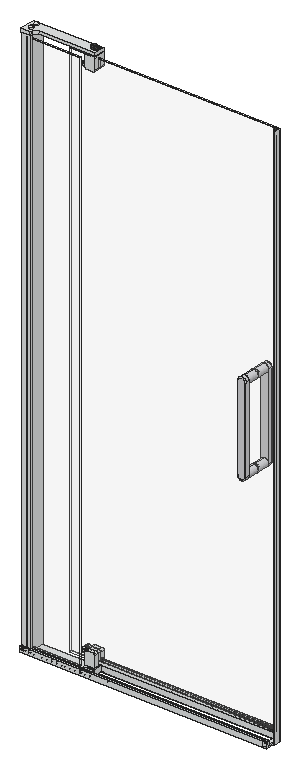
Revit family "Shower-Shower_Door-KOHLER-Revel-K-707501_1", category Specialty Equipment, host Face, Revit 2022
Family settings
  Host = Face
  Round Connector Dimension = Use Diameter
  Part Type = Normal
  OmniClass Number = 23.31.17.17
  OmniClass Title = Shower Enclosures
  Cut with Voids When Loaded = No
  Maintain Annotation Orientation = No
  Shared = No
  Room Calculation Point = No
Parameters (values of type "Clear Glass, SHP-Bright Polished Silver")
  Width [instance] = 7 13/64" + Walk Thru + 1 147/256"  # 31 39/256"
  WaterSense Certified = 1 = 0  # no
  Walk Thru [instance] = 22 3/8"
  URL = "https://www.us.kohler.com/us/"
  Type = 3
  Secondary Finish = Kohler-Glass-L-Crystal_Clear
  Product Page URL = "http://www.us.kohler.com/us/catalog/productDetails.jsp?productId=707501-L"
  Product Name = "Revel"  # constant formula
  Product Documentation Link = "https://www.us.kohler.com/webassets/kpna/catalog/pdf/en/K-707501-L_spec_US-CA_Kohler_en.pdf"
  Model = if(Type = 1, "K-707501-L-ABZ", if(Type = 2, "K-707501-L-BNK", if(Type = 3, "K-707501-L-SHP", if(Type = 4, "K-707501-D3-ABZ", if(Type = 5, "K-707501-D3-BNK", if(Type = 6, "K-707501-D3-SHP", "NA"))))))  # "K-707501-L-SHP"
  Material = "Premium Metal Construction"  # constant formula
  Master Format 2014 Name = "Shower Doors"  # constant formula
  Master Format 2014 = "10 28 19.16"  # constant formula
  Manufacturer Address = "444 Highland Dr, Kohler, WI 53044"  # constant formula
  Manufacturer = "Kohler Co."  # constant formula
  Length = 4 7/64"  # constant formula
  Height = 70"  # constant formula
  Handle Finish = Kohler-Metal-CP-Polished_Chrome
  Finish = Kohler-Metal-SHP-Bright_Polished_Silver
  Environmental Product Declaration = ""
  Description = if(or(Type < 4), "Pivot shower door, 70 inch H x 27-5/16 - 31-1/8 inch W, with 5/16 inch thick Crystal Clear glass", "Pivot shower door, 70 inch H x 27-5/16 - 31-1/8 inch W, with 5/16 inch thick Frosted glass")  # "Pivot shower door, 70 inch H x 27-5/16 - 31-1/8 inch W, with 5/16 inch thick Crystal Clear glass"
  Default Elevation = 4"
  Declare Label = ""
  Date Modified = "06/16/2022"  # constant formula
  Date Created = "06/16/2022"  # constant formula
  Copyright = "Copyright Kohler Co."  # constant formula
  Contact Us = "https://www.us.kohler.com/us/static/contact.jsp"
  Assembly Code = "C1030200"
  ADA Compliant = 1 = 0  # no
Reference planes (in)
  plane 1 "Center (Front/Back)": y = 0
  plane 2: z = 0
  plane 3 "Center (Left/Right)": x = 0
  plane 4: y = 2.10994
  plane 5: y = 0.71149
  plane 6: y = -1.5326
  plane 7: x = -8.29527
  plane 8: y = 0.32149
  plane 9: y = -1.99943
  plane 10: y = -0.55188
  plane 11: x = -14.85938
  plane 12: z = 70
  plane 13: z = 70.36441
  plane 14: z = 69.11682
  plane 15: z = 68.1005
  plane 16: z = 40.94488
  plane 17: z = 40.45276
  plane 18: z = 29.82283
  plane 19: z = 29.33071
  plane 20: z = 2.1635
  plane 21: z = 0.62992
  plane 22: x = -15.49781
  plane 23: x = -6.72047
  plane 24: x = 15.65453
  plane 25: x = 15.27421
  plane 26: z = 68.66614
  plane 27: x = 15.15599
  plane 28: x = 12.70124
Dimensions and locks (in)
  plane 7 to plane 3 "Center (Left/Right)" = 8.29527"
  "Height": plane 12 to level
  "Length": plane 4 to plane 9
  locked: plane 23 to plane 3 "Center (Left/Right)" at 6.72047
  "Walk Thru": plane 23 to plane 24
  locked: plane 27 to plane 24 at 0.49854
  locked: plane 24 to plane 25 at 0.38032
  locked: plane 28 to plane 24 at 2.95329
  "Width": plane 24 to plane 22
  plane 19 to level = 29.33071"
  plane 16 to plane 19 = 11.61417"
  plane 7 to plane 22 = 7.20254"
  aligned and locked: plane 2 to host face
  aligned and locked: level to host face
  aligned and locked: plane 3 "Center (Left/Right)" to nested 1
Automatic sketch dimensions
  host sketch curve to host sketch curve = 96"  (x2)
Nested families (in)
  nested 1: "K-707501" at (0, 0, 0), type "K-707501"
    with Width 31.15453", Walk Thru 22 3/8"
Definition of nested family "K-707501"
  Parameters (values of type "K-707501")
    Width = Walk Thru + Distance + 1.5748"  # 31.53543"
    Walk Thru = 22.75591"
    Material = none
    Height = 70"
    Handle Material = none
    Handle Height = 29.33071"
    Glass Material = none
    Distance = 7.20472"
    Default Elevation = 0"
  Reference planes (in)
    plane 1 "Center (Front/Back)": y = 0
    plane 2: z = 0
    plane 3 "Center (Left/Right)": x = 0
    plane 4: x = -15.5
    plane 5: x = -8.29527
    plane 6 "K": x = 13.08214
    plane 7: z = 70
    plane 8: z = 69.64567
    plane 9 "D": z = 68.1005
    plane 10: z = 29.33071
    plane 11: z = 40.94488
    plane 12: y = 2.10994
    plane 13: y = -1.99772
    plane 14: y = 0.71149
    plane 15: y = -1.5326
    plane 16: z = 0.62992
    plane 17: z = 69.11682
    plane 18: x = -14.85938
    plane 19 "A": y = -0.55188
    plane 20 "B": y = 0.32149
    plane 21 "C": z = 2.1635
    plane 22: z = 68.91997
    plane 23: z = 68.66614
    plane 24: z = 40.45276
    plane 25: z = 29.82283
    plane 26: z = 70.36441
    plane 27: x = -6.72047
    plane 28: x = 16.03544
    plane 29: x = 15.3937
    plane 30: x = 15.8937
    plane 31: x = 15.53689
  Forms (in)
    Extrusion 1, solid, material <- "Material", detail levels medium+fine
      sketch origin (0, 0, 0) x (0, 1, 0) y (0, 0, 1)
        loop
          line (-0.27623, 0) -> (0.59855, 0)
          arc (0.59855, 0) -> (0.62415, 0.0106) -> (0.63475, 0.0362) r 0.0362
          line (0.63475, 0.0362) -> (0.63475, 0.21702)
          arc (0.63475, 0.21702) -> (0.62509, 0.24034) -> (0.60177, 0.25) r 0.03298
          line (0.60177, 0.25) -> (-1.2883, 0.25)
          arc (-1.2883, 0.25) -> (-1.3314, 0.26785) -> (-1.34925, 0.31095) r 0.06095
          line (-1.34925, 0.31095) -> (-1.34925, 0.48)
          arc (-1.34925, 0.48) -> (-1.40675, 0.5375) -> (-1.46425, 0.48) r 0.0575
          line (-1.46425, 0.48) -> (-1.46425, 0.26417)
          arc (-1.46425, 0.26417) -> (-1.42954, 0.17607) -> (-1.34408, 0.1353) r 0.12919
          line (-1.34408, 0.1353) -> (-0.30312, 0.06251) -> (-0.30312, 0.0269)
          arc (-0.30312, 0.0269) -> (-0.29525, 0.00788) -> (-0.27623, 0) r 0.0269
      from -15.5 to -8.02475
    Extrusion 2, solid, material <- "Material", detail levels medium+fine
      sketch origin (0, 0, 0) x (0, 1, 0) y (0, 0, 1)
        loop
          line (-1.46425, 0.06988) -> (-0.33625, -0.00012) -> (-0.33625, 0.06) -> (-1.46425, 0.13) -> (-1.46425, 0.565) -> (-1.33425, 0.565) -> (-1.33425, 0.368)
          arc (-1.33425, 0.368) -> (-1.30425, 0.338) -> (-1.27425, 0.368) r 0.03
          line (-1.27425, 0.368) -> (-1.27425, 0.60686)
          arc (-1.27425, 0.60686) -> (-1.281, 0.62317) -> (-1.29731, 0.62992) r 0.02306
          line (-1.29731, 0.62992) -> (-1.50695, 0.62992)
          arc (-1.50695, 0.62992) -> (-1.52509, 0.62241) -> (-1.5326, 0.60427) r 0.02565
          line (-1.5326, 0.60427) -> (-1.5326, 0) -> (-1.48411, 0)
          arc (-1.48411, 0) -> (-1.47007, 0.00582) -> (-1.46425, 0.01986) r 0.01986
          line (-1.46425, 0.01986) -> (-1.46425, 0.06988)
      from -15.5 to 15.8937
    Extrusion 3, solid, material <- "Material", detail levels medium+fine
      sketch origin (0, 0, 0) x (0, 1, 0) y (0, 0, 1)
        loop
          line (-1.23023, 0.67187) -> (-1.54853, 0.67187)
          arc (-1.54853, 0.67187) -> (-1.56451, 0.66526) -> (-1.57112, 0.64928) r 0.0226
          line (-1.57112, 0.64928) -> (-1.57112, 0.03588)
          arc (-1.57112, 0.03588) -> (-1.55186, 0.01661) -> (-1.5326, 0.03588) r 0.01926
          line (-1.5326, 0.03588) -> (-1.5326, 0.62992) -> (-1.25863, 0.62992) -> (-1.25862, 0.15799)
          arc (-1.25862, 0.15799) -> (-1.25033, 0.13693) -> (-1.22989, 0.12718) r 0.03089
          line (-1.22989, 0.12718) -> (-0.30312, 0.06237) -> (-0.30312, 0.02652)
          arc (-0.30312, 0.02652) -> (-0.29532, 0.00768) -> (-0.27648, -0.00013) r 0.02664
          line (-0.27648, -0.00013) -> (0.27012, -0.00013)
          arc (0.27012, -0.00013) -> (0.29328, 0.00947) -> (0.30288, 0.03263) r 0.03275
          line (0.30288, 0.03263) -> (0.30288, 0.20868)
          arc (0.30288, 0.20868) -> (0.29449, 0.22892) -> (0.27425, 0.23731) r 0.02863
          line (0.27425, 0.23731) -> (-1.17024, 0.23731)
          arc (-1.17024, 0.23731) -> (-1.19827, 0.24892) -> (-1.20987, 0.27694) r 0.03964
          line (-1.20987, 0.27694) -> (-1.20987, 0.65152)
          arc (-1.20987, 0.65152) -> (-1.21584, 0.66591) -> (-1.23023, 0.67187) r 0.02036
      from 15.8937 to 15.3937
    Extrusion 4, solid, material <- "Material", detail levels medium+fine
      sketch origin (0, 0, 0) x (1, 0, 0) y (0, 1, 0)
        loop
          line (-15.5, -1.27425) -> (-14.37854, -1.27425) -> (-14.37854, -1.0745) -> (-14.939, -1.0745)
          arc (-14.939, -1.0745) -> (-14.969, -0.95875) -> (-14.939, -0.843) r 0.2383
          line (-14.939, -0.843) -> (-14.37475, -0.843) -> (-14.37475, 0.64608) -> (-15.5, 0.64608) -> (-15.5, 0.5658) -> (-15.4398, 0.5658) -> (-15.4398, 0.2641) -> (-15.5, 0.2641) -> (-15.5, 0.19996) -> (-15.4398, 0.19996) -> (-15.4398, -0.42903) -> (-15.5, -0.42903) -> (-15.5, -0.49326) -> (-15.4398, -0.49326) -> (-15.4398, -1.21125) -> (-15.5, -1.21125) -> (-15.5, -1.27425)
      from 0.25 to 69.64567
    Extrusion 5, solid, material <- "Glass Material"
      sketch origin (0, 0, 0) x (1, 0, 0) y (0, 1, 0)
        loop
          arc (-14.939, -0.843) -> (-14.969, -0.95875) -> (-14.939, -1.0745) r 0.2383
          line (-14.939, -1.0745) -> (-8.32527, -1.0745)
          arc (-8.32527, -1.0745) -> (-8.29527, -0.95875) -> (-8.32527, -0.843) r 0.2383
          line (-8.32527, -0.843) -> (-14.939, -0.843)
      from 0.625 to 69.11682
    Extrusion 6, solid, material <- "Material"
      sketch origin (0, 0, 0) x (1, 0, 0) y (0, 1, 0)
        loop
          line (-15.5, -1.33251) -> (-14.40245, -1.33251)
          arc (-14.40245, -1.33251) -> (-14.33815, -1.30588) -> (-14.31152, -1.24158) r 0.09093
          line (-14.31152, -1.24158) -> (-14.31152, -1.16731)
          arc (-14.31152, -1.16731) -> (-14.16043, -0.80256) -> (-13.79568, -0.65147) r 0.51584
          line (-13.79568, -0.65147) -> (-6.73991, -0.65147) -> (-6.73991, 0.71149) -> (-15.5, 0.71149) -> (-15.5, -1.33251)
      from 69.64567 to 70
    Revolve 7, solid, detail levels medium+fine
      sketch origin (0, -0.55188, 0) x (0, 0, 1) y (-1, 0, 0)
        loop
          line (70, 14.85938) -> (70.17753, 14.85938)
          arc (70.17753, 14.85938) -> (70.13865, 15.00209) -> (70.03277, 15.10538) r 0.2814
          line (70.03277, 15.10538) -> (70, 15.10538) -> (70, 14.85938)
        axis (70, 14.85938) -> (70.17753, 14.85938)
      angle from 0 to 360
    Revolve 8, solid, detail levels medium+fine
      sketch origin (0, 0.32149, 0) x (0, 0, -1) y (-1, 0, 0)
        loop
          line (-70, 14.85938) -> (-70, 15.10538) -> (-70.03277, 15.10538)
          arc (-70.03277, 15.10538) -> (-70.13865, 15.00209) -> (-70.17753, 14.85938) r 0.2814
          line (-70.17753, 14.85938) -> (-70, 14.85938)
        axis (-70.17753, 14.85938) -> (-70, 14.85938)
      angle from 0 to 360
    Extrusion 9, solid, material <- "Material", detail levels medium+fine
      sketch origin (0, 0, 0) x (0, 1, 0) y (0, 0, 1)
        loop
          line (0.63475, 0) -> (0.63475, 0.625) -> (-0.72263, 0.625)
          arc (-0.72263, 0.625) -> (-0.75489, 0.61164) -> (-0.76825, 0.57938) r 0.04562
          line (-0.76825, 0.57938) -> (-0.76825, 0.31091)
          arc (-0.76825, 0.31091) -> (-0.78609, 0.26784) -> (-0.82916, 0.25) r 0.06091
          line (-0.82916, 0.25) -> (-1.10552, 0.25)
          arc (-1.10552, 0.25) -> (-1.13786, 0.26339) -> (-1.15125, 0.29573) r 0.04573
          line (-1.15125, 0.29573) -> (-1.15125, 0.59003)
          arc (-1.15125, 0.59003) -> (-1.16149, 0.61476) -> (-1.18622, 0.625) r 0.03497
          line (-1.18622, 0.625) -> (-1.24534, 0.625)
          arc (-1.24534, 0.625) -> (-1.2672, 0.61595) -> (-1.27625, 0.59409) r 0.03091
          line (-1.27625, 0.59409) -> (-1.27625, 0.312)
          arc (-1.27625, 0.312) -> (-1.31275, 0.2755) -> (-1.34925, 0.312) r 0.0365
          line (-1.34925, 0.312) -> (-1.34925, 0.48)
          arc (-1.34925, 0.48) -> (-1.40675, 0.5375) -> (-1.46425, 0.48) r 0.0575
          line (-1.46425, 0.48) -> (-1.46425, 0.26028)
          arc (-1.46425, 0.26028) -> (-1.43067, 0.17503) -> (-1.34797, 0.13559) r 0.125
          line (-1.34797, 0.13559) -> (-0.30275, 0.0625) -> (-0.30275, 0.03125)
          arc (-0.30275, 0.03125) -> (-0.2936, 0.00915) -> (-0.2715, 0) r 0.03125
          line (-0.2715, 0) -> (0.63475, 0)
      from -6.76525 to -8.02475
    Extrusion 10, solid, material <- "Material"
      sketch origin (0, 0, 0) x (1, 0, 0) y (0, 0, 1)
        loop
          arc (-6.80462, 0.7535) -> (-6.77678, 0.76503) -> (-6.76525, 0.79287) r 0.03937
          line (-6.76525, 0.79287) -> (-6.76525, 2.20243)
          arc (-6.76525, 2.20243) -> (-6.83527, 2.37148) -> (-7.00432, 2.4415) r 0.23907
          line (-7.00432, 2.4415) -> (-7.77509, 2.4415)
          arc (-7.77509, 2.4415) -> (-7.94491, 2.37116) -> (-8.01525, 2.20134) r 0.24016
          line (-8.01525, 2.20134) -> (-8.01525, 0.79202)
          arc (-8.01525, 0.79202) -> (-8.00397, 0.76478) -> (-7.97673, 0.7535) r 0.03852
          line (-7.97673, 0.7535) -> (-6.80462, 0.7535)
      from -0.699 to 0.6555
    Extrusion 11, void
      sketch origin (0, 0, 0) x (0, 1, 0) y (0, 0, 1)
        loop
          line (-0.223, 1.0975) -> (0.277, 1.0975) -> (0.277, 2.6723) -> (-0.223, 2.6723) -> (-0.223, 1.0975)
      from -8.374 to -5.62598
    Extrusion 12, solid
      sketch origin (0, 0, 0) x (1, 0, 0) y (0, 0, 1)
        loop
          line (-6.78494, 1.0975) -> (-6.78494, 2.20243)
          arc (-6.78494, 2.20243) -> (-6.84919, 2.35756) -> (-7.00432, 2.42181) r 0.21938
          line (-7.00432, 2.42181) -> (-7.77509, 2.42181)
          arc (-7.77509, 2.42181) -> (-7.93099, 2.35724) -> (-7.99556, 2.20134) r 0.22047
          line (-7.99556, 2.20134) -> (-7.99556, 1.0975) -> (-6.78494, 1.0975)
      from -0.277 to 0.223
    Revolve 13, solid, material <- "Material"
      sketch origin (0, 0, 2.1635) x (0, -1, 0) y (1, 0, 0)
        loop
          line (0.3524, -8.32761) -> (-0.39049, -8.32761) -> (-0.39049, -8.59986)
          arc (-0.39049, -8.59986) -> (-0.37874, -8.62823) -> (-0.35037, -8.63998) r 0.04012
          line (-0.35037, -8.63998) -> (-0.17426, -8.63998) -> (-0.17426, -8.59632) -> (-0.13508, -8.59632) -> (-0.13508, -8.48472) -> (0.097, -8.48472) -> (0.097, -8.59632) -> (0.13617, -8.59632) -> (0.13617, -8.63998) -> (0.31228, -8.63998)
          arc (0.31228, -8.63998) -> (0.34065, -8.62823) -> (0.3524, -8.59986) r 0.04012
          line (0.3524, -8.59986) -> (0.3524, -8.32761)
        axis (0.3524, -8.32761) -> (-0.39049, -8.32761)
      angle from 0 to 360
    Extrusion 14, solid
      sketch origin (0, 0, 0) x (1, 0, 0) y (0, 0, 1)
        loop
          circle (-7.07775, 1.5975) r 0.18898
        loop
          line (-7.07775, 1.72346) -> (-7.18683, 1.66048) -> (-7.18683, 1.53452) -> (-7.07775, 1.47154) -> (-6.96867, 1.53452) -> (-6.96867, 1.66048) -> (-7.07775, 1.72346)
        loop
          circle (-7.70273, 1.5975) r 0.18898
        loop
          line (-7.70273, 1.72346) -> (-7.81181, 1.66048) -> (-7.81181, 1.53452) -> (-7.70273, 1.47154) -> (-7.59364, 1.53452) -> (-7.59364, 1.66048) -> (-7.70273, 1.72346)
      from -0.64608 to -0.74844
    Revolve 15, solid, material <- "Material"
      sketch origin (0, 0, 68.1005) x (0, -1, 0) y (1, 0, 0)
        loop
          line (0.34548, -8.29527) -> (-0.39741, -8.29527) -> (-0.39741, -8.56752)
          arc (-0.39741, -8.56752) -> (-0.38566, -8.59589) -> (-0.35729, -8.60764) r 0.04012
          line (-0.35729, -8.60764) -> (-0.18118, -8.60764) -> (-0.18118, -8.56398) -> (-0.14201, -8.56398) -> (-0.14201, -8.45238) -> (0.09007, -8.45238) -> (0.09007, -8.56398) -> (0.12925, -8.56398) -> (0.12925, -8.60764) -> (0.30536, -8.60764)
          arc (0.30536, -8.60764) -> (0.33373, -8.59589) -> (0.34548, -8.56752) r 0.04012
          line (0.34548, -8.56752) -> (0.34548, -8.29527)
        axis (0.34548, -8.29527) -> (-0.39741, -8.29527)
      angle from 0 to 360
    Extrusion 16, solid, material <- "Material"
      sketch origin (0, 0, 0) x (0, 1, 0) y (0, 0, 1)
        loop
          arc (-0.097, 1.35312) -> (-0.11537, 1.37299) -> (-0.13662, 1.35624) r 0.01993
          line (-0.13662, 1.35624) -> (-0.1776, 1.0975) -> (0.20316, 1.0975) -> (0.20316, 1.33432)
          arc (0.20316, 1.33432) -> (0.2165, 1.35338) -> (0.23898, 1.34737) r 0.02029
          arc (0.23898, 1.34737) -> (0.2829, 1.29668) -> (0.32829, 1.24731) r 2.26458
          arc (0.32829, 1.24731) -> (0.34709, 1.18966) -> (0.31434, 1.13863) r 0.07073
          arc (0.31434, 1.13863) -> (0.33971, 1.11534) -> (0.37309, 1.12379) r 0.03623
          arc (0.37309, 1.12379) -> (0.42824, 1.15633) -> (0.49187, 1.16351) r 0.15339
          arc (0.49187, 1.16351) -> (0.52099, 1.19696) -> (0.4952, 1.23303) r 0.03577
          arc (0.4952, 1.23303) -> (0.28695, 1.37387) -> (0.20068, 1.61001) r 0.4083
          arc (0.20068, 1.61001) -> (0.17922, 1.64919) -> (0.135, 1.65554) r 0.04994
          line (0.135, 1.65554) -> (0.135, 1.1775)
          arc (0.135, 1.1775) -> (0.019, 1.1475) -> (-0.097, 1.1775) r 0.23927
          line (-0.097, 1.1775) -> (-0.097, 1.35312)
        loop
          line (0.25206, 1.15842) -> (0.26168, 0.02414)
          arc (0.26168, 0.02414) -> (0.28259, 0.00002) -> (0.30569, 0.02205) r 0.02205
          line (0.30569, 0.02205) -> (0.30569, 1.15843)
          arc (0.30569, 1.15843) -> (0.27885, 1.25716) -> (0.25206, 1.15842) r 0.05301
      from -6.76525 to 15.53689
    Extrusion 17, solid, material <- "Material", detail levels medium+fine
      sketch origin (0, 0.32149, 0) x (0, 0, -1) y (-1, 0, 0)
        loop
          arc (-69.47848, 8.033) -> (-69.50196, 8.02327) -> (-69.51168, 7.99979) r 0.03321
          line (-69.51168, 7.99979) -> (-69.51168, 6.8125)
          arc (-69.51168, 6.8125) -> (-69.50196, 6.78902) -> (-69.47848, 6.77929) r 0.03321
          line (-69.47848, 6.77929) -> (-68.07358, 6.77929)
          arc (-68.07358, 6.77929) -> (-67.8951, 6.85322) -> (-67.82117, 7.03171) r 0.25241
          line (-67.82117, 7.03171) -> (-67.82117, 7.78058)
          arc (-67.82117, 7.78058) -> (-67.8951, 7.95907) -> (-68.07358, 8.033) r 0.25241
          line (-68.07358, 8.033) -> (-69.47848, 8.033)
      from -0.97296 to 0.37751
    Extrusion 18, void
      sketch origin (0, 0, 0) x (0, 1, 0) y (0, 0, 1)
        loop
          line (-0.22762, 67.70203) -> (0.23512, 67.70203) -> (0.23512, 69.21197) -> (-0.22762, 69.21197) -> (-0.22762, 67.70203)
      from -8.32527 to -6.37881
    Extrusion 19, solid
      sketch origin (0, 0, 0) x (1, 0, 0) y (0, 0, 1)
        loop
          line (-7.78058, 67.84085) -> (-7.03171, 67.84085)
          arc (-7.03171, 67.84085) -> (-6.86714, 67.90902) -> (-6.79898, 68.07358) r 0.23273
          line (-6.79898, 68.07358) -> (-6.79898, 69.21197) -> (-8.01331, 69.21197) -> (-8.01331, 68.07358)
          arc (-8.01331, 68.07358) -> (-7.94515, 67.90902) -> (-7.78058, 67.84085) r 0.23273
      from -0.23512 to 0.22762
    Extrusion 20, solid, material <- "Glass Material"
      sketch origin (0, 0, 0) x (1, 0, 0) y (0, 1, 0)
        loop
          arc (15.83603, -0.1605) -> (15.89087, -0.00425) -> (15.83603, 0.152) r 0.25
          line (15.83603, 0.152) -> (-10.36891, 0.152)
          arc (-10.36891, 0.152) -> (-10.42375, -0.00425) -> (-10.36891, -0.1605) r 0.25
          line (-10.36891, -0.1605) -> (15.83603, -0.1605)
      from 1.0975 to 69.11682
    Extrusion 21, solid
      sketch origin (0, 0, 0) x (1, 0, 0) y (0, 0, 1)
        loop
          circle (-7.09313, 68.67035) r 0.18898
        loop
          line (-7.09313, 68.79631) -> (-7.20221, 68.73333) -> (-7.20221, 68.60737) -> (-7.09313, 68.54439) -> (-6.98404, 68.60737) -> (-6.98404, 68.73333) -> (-7.09313, 68.79631)
        loop
          circle (-7.71992, 68.67035) r 0.18898
        loop
          line (-7.71992, 68.79631) -> (-7.829, 68.73333) -> (-7.829, 68.60737) -> (-7.71992, 68.54439) -> (-7.61083, 68.60737) -> (-7.61083, 68.73333) -> (-7.71992, 68.79631)
      from -0.277 to -0.74844
    Revolve 22, solid, material <- "Handle Material"
      sketch origin (13.08214, 0, 0) x (0, 0, 1) y (0, -1, 0)
        loop
          line (40.45276, -1.59591) -> (40.94488, -1.59591) -> (40.94488, -0.135) -> (40.697, -0.135) -> (40.697, 0.097) -> (40.94488, 0.097) -> (40.94488, 1.47495) -> (40.45276, 1.47495) -> (40.45276, -1.59591)
        axis (40.45276, 1.47495) -> (40.45276, -1.59591)
      angle from 0 to 360
    Revolve 23, solid, material <- "Handle Material"
      sketch origin (13.08214, 0, 0) x (0, 0, 1) y (0, -1, 0)
        loop
          line (29.82283, -1.59591) -> (29.82283, 1.47495) -> (29.33071, 1.47495) -> (29.33071, 0.097) -> (29.57859, 0.097) -> (29.57859, -0.135) -> (29.33071, -0.135) -> (29.33071, -1.59591) -> (29.82283, -1.59591)
        axis (29.82283, -1.59591) -> (29.82283, 1.47495)
      angle from 0 to 360
    Sweep 24, solid, material <- "Handle Material", detail levels medium+fine
      path origin (0, 0, 0) x (1, 0, 0) y (0, 0, 1)
        loop
          arc (13.57427, 40.45276) -> (13.08214, 40.94488) -> (12.59002, 40.45276) r 0.49213
          line (12.59002, 40.45276) -> (12.59002, 29.82283)
          arc (12.59002, 29.82283) -> (13.08214, 29.33071) -> (13.57427, 29.82283) r 0.49213
          line (13.57427, 29.82283) -> (13.57427, 40.45276)
      profile origin (13.08214, 0, 40.94488) x (0, 0, -1) y (0, -1, 0)
        loop
          line (0, 1.47495) -> (0.07036, 1.47495) -> (0.07036, 1.99772) -> (0.03819, 1.99772)
          arc (0.03819, 1.99772) -> (0.01119, 1.98653) -> (0, 1.95953) r 0.03819
          line (0, 1.95953) -> (0, 1.47495)
    Extrusion 25, solid, material <- "Handle Material", detail levels medium+fine
      sketch origin (0, 0, 0) x (1, 0, 0) y (0, 0, 1)
        loop
          arc (12.66037, 29.82283) -> (13.08214, 29.40107) -> (13.50391, 29.82283) r 0.42177
          line (13.50391, 29.82283) -> (13.50391, 40.45276)
          arc (13.50391, 40.45276) -> (13.08214, 40.87452) -> (12.66037, 40.45276) r 0.42177
          line (12.66037, 40.45276) -> (12.66037, 29.82283)
      from 1.47495 to 1.99772
    Sweep 26, solid, material <- "Handle Material", detail levels medium+fine
      path origin (0, 0, 0) x (1, 0, 0) y (0, 0, 1)
        loop
          line (13.57427, 29.82283) -> (13.57427, 40.45276)
          arc (13.57427, 40.45276) -> (13.08214, 40.94488) -> (12.59002, 40.45276) r 0.49213
          line (12.59002, 40.45276) -> (12.59002, 29.82283)
          arc (12.59002, 29.82283) -> (13.08214, 29.33071) -> (13.57427, 29.82283) r 0.49213
      profile origin (13.08214, 0, 29.33071) x (0, 0, -1) y (0, -1, 0)
        loop
          line (-0.08322, -1.59591) -> (-0.08322, -2.10994) -> (-0.03596, -2.10994)
          arc (-0.03596, -2.10994) -> (-0.01053, -2.09941) -> (0, -2.07398) r 0.03596
          line (0, -2.07398) -> (0, -1.59591) -> (-0.08322, -1.59591)
    Extrusion 27, solid, material <- "Handle Material", detail levels medium+fine
      sketch origin (0, 0, 0) x (1, 0, 0) y (0, 0, 1)
        loop
          line (12.67324, 40.45276) -> (12.67324, 29.82283)
          arc (12.67324, 29.82283) -> (13.08214, 29.41393) -> (13.49105, 29.82283) r 0.4089
          line (13.49105, 29.82283) -> (13.49105, 40.45276)
          arc (13.49105, 40.45276) -> (13.08214, 40.86166) -> (12.67324, 40.45276) r 0.4089
      from -2.10994 to -1.59591
    Extrusion 28, solid, material <- "Material"
      sketch origin (0, 0, 0) x (1, 0, 0) y (0, 1, 0)
        loop
          circle (-7.40614, 0) r 0.23622
      from 0.565 to 0.7535
    Extrusion 29, void
      sketch origin (0, 0, 0) x (1, 0, 0) y (0, 1, 0)
        loop
          arc (-6.80404, -0.07487) -> (-6.97385, 0.46372) -> (-7.51243, 0.63353) r 0.6115
          arc (-7.51243, 0.63353) -> (-7.63532, 0.45802) -> (-7.45982, 0.33513) r 0.1515
          arc (-7.45982, 0.33513) -> (-7.18811, 0.24946) -> (-7.10243, -0.02225) r 0.3085
          arc (-7.10243, -0.02225) -> (-6.97954, -0.19776) -> (-6.80404, -0.07487) r 0.1515
      from 70 to 69.64567
    Extrusion 30, solid
      sketch origin (0, 0, 0) x (1, 0, 0) y (0, 1, 0)
        loop
          circle (-7.40625, 0.49132) r 0.07731
        loop
          circle (-7.40625, 0.49132) r 0.097
      from 70 to 69.57446
    Extrusion 31, solid, material <- "Handle Material", detail levels coarse
      sketch origin (0, 0, 0) x (1, 0, 0) y (0, 0, 1)
        loop
          line (12.59002, 40.94488) -> (12.59002, 29.33071) -> (13.57427, 29.33071) -> (13.57427, 40.94488) -> (12.59002, 40.94488)
      from 1.47495 to 1.99772
    Extrusion 32, solid, material <- "Handle Material", detail levels coarse
      sketch origin (0, 0, 0) x (1, 0, 0) y (0, 0, 1)
        loop
          line (12.59002, 40.94488) -> (12.59002, 29.33071) -> (13.57427, 29.33071) -> (13.57427, 40.94488) -> (12.59002, 40.94488)
      from -2.10994 to -1.59591
    Extrusion 33, solid, material <- "Material", detail levels coarse
      sketch origin (0, 0, 0) x (1, 0, 0) y (0, 1, 0)
        loop
          line (-14.37475, -0.843) -> (-14.37475, 0.64608) -> (-15.5, 0.64608) -> (-15.5, -1.27425) -> (-14.37854, -1.27425) -> (-14.37854, -1.0745) -> (-14.939, -1.0745)
          arc (-14.939, -1.0745) -> (-14.969, -0.95875) -> (-14.939, -0.843) r 0.2383
          line (-14.939, -0.843) -> (-14.37475, -0.843)
      from 0 to 69.64567
    Extrusion 34, solid, material <- "Material", detail levels coarse
      sketch origin (13.08214, 0, 0) x (0, 0, 1) y (0, -1, 0)
        loop
          line (0.25, -0.30288) -> (0.25, 1.27425) -> (0.62992, 1.27425) -> (0.62992, 1.5326) -> (0, 1.5326) -> (0, -0.30288) -> (0.25, -0.30288)
      from -28.58214 to 2.81156
    Extrusion 35, solid, material <- "Material"
      sketch origin (0, 0, 0) x (1, 0, 0) y (0, 1, 0)
        loop
          arc (16.03544, 0.28917) -> (16.0265, 0.31074) -> (16.00494, 0.31967) r 0.0305
          line (16.00494, 0.31967) -> (15.50324, 0.31967)
          arc (15.50324, 0.31967) -> (15.48574, 0.30217) -> (15.50324, 0.28466) r 0.0175
          line (15.50324, 0.28466) -> (15.55011, 0.28466)
          arc (15.55011, 0.28466) -> (15.51986, 0.27075) -> (15.49225, 0.25214) r 0.20599
          arc (15.49225, 0.25214) -> (15.45881, 0.2073) -> (15.45164, 0.15183) r 0.11038
          line (15.45164, 0.15183) -> (15.70198, 0.15183)
          arc (15.70198, 0.15183) -> (15.67772, 0.23382) -> (15.60897, 0.28466) r 0.13461
          line (15.60897, 0.28466) -> (15.96966, 0.28466)
          arc (15.96966, 0.28466) -> (15.99212, 0.27536) -> (16.00142, 0.2529) r 0.03177
          line (16.00142, 0.2529) -> (16.00142, -0.48012) -> (15.93123, -0.48012) -> (15.72183, -0.1617)
          arc (15.72183, -0.1617) -> (15.69875, -0.16372) -> (15.68775, -0.18411) r 0.02441
          line (15.68775, -0.18411) -> (15.90677, -0.51714) -> (16.03544, -0.51714) -> (16.03544, 0.28917)
      from 0 to 68.91997
    Revolve 36, solid
      sketch origin (0, 0, 0) x (1, 0, 0) y (0, 0, 1)
        loop
          line (-7.40614, 69.51168) -> (-7.40614, 70.31881) -> (-7.62158, 70.31881) -> (-7.62158, 70.36441) -> (-7.68448, 70.36441)
          arc (-7.68448, 70.36441) -> (-7.7027, 70.3576) -> (-7.71198, 70.3405) r 0.02777
          line (-7.71198, 70.3405) -> (-7.73118, 70.2039) -> (-7.76575, 70.2039) -> (-7.76575, 70.1409) -> (-7.64133, 70.1409) -> (-7.64133, 69.57446) -> (-8.02821, 69.57446) -> (-8.02821, 69.51168) -> (-7.40614, 69.51168)
        axis (-7.40614, 69.51168) -> (-7.40614, 70.36441)
      angle from 0 to 360
    Extrusion 37, solid, material <- "Material", detail levels coarse
      sketch origin (0, 0.32149, 0) x (0, 0, -1) y (-1, 0, 0)
        loop
          arc (-69.47848, 8.033) -> (-69.50196, 8.02327) -> (-69.51168, 7.99979) r 0.03321
          line (-69.51168, 7.99979) -> (-69.51168, 6.8125)
          arc (-69.51168, 6.8125) -> (-69.50196, 6.78902) -> (-69.47848, 6.77929) r 0.03321
          line (-69.47848, 6.77929) -> (-67.82117, 6.77929) -> (-67.82117, 8.033) -> (-69.47848, 8.033)
      from -0.97296 to 0.37751
  Cuts and joins
    Extrusion 11 cuts Extrusion 10
    Extrusion 18 cuts Extrusion 17
    joined: Sweep 26, Extrusion 27
    joined: Sweep 24, Extrusion 25
    Extrusion 29 cuts Extrusion 6
  Lines and regions (in)
    Masking region 1
      outline origin (0, 0, 0) x (1, 0, 0) y (0, 0, 1)
        loop
          line (-15.5, 0) -> (16.03544, 0) -> (16.03544, 68.91997) -> (15.8937, 68.91997) -> (15.8937, 69.11682) -> (-6.77929, 69.11682) -> (-6.77929, 69.47848)
          arc (-6.77929, 69.47848) -> (-6.78049, 69.49525) -> (-6.78408, 69.51168) r 0.11765
          line (-6.78408, 69.51168) -> (-6.78408, 69.57446) -> (-7.17096, 69.57446) -> (-7.17096, 69.64567) -> (-6.72047, 69.64567) -> (-6.72047, 70) -> (-7.17096, 70) -> (-7.17096, 70.1409) -> (-7.04654, 70.1409) -> (-7.04654, 70.2039) -> (-7.08111, 70.2039) -> (-7.10073, 70.34349)
          arc (-7.10073, 70.34349) -> (-7.10885, 70.35845) -> (-7.1248, 70.36441) r 0.02431
          line (-7.1248, 70.36441) -> (-7.68749, 70.36441)
          arc (-7.68749, 70.36441) -> (-7.70344, 70.35845) -> (-7.71156, 70.34349) r 0.02431
          line (-7.71156, 70.34349) -> (-7.73118, 70.2039) -> (-7.76575, 70.2039) -> (-7.76575, 70.1409) -> (-7.64133, 70.1409) -> (-7.64133, 70) -> (-14.61338, 70) -> (-14.61337, 70.03277)
          arc (-14.61337, 70.03277) -> (-14.71669, 70.13855) -> (-14.85938, 70.17739) r 0.28153
          arc (-14.85938, 70.17739) -> (-15.00206, 70.13855) -> (-15.10537, 70.03277) r 0.28153
          line (-15.10537, 70.03277) -> (-15.10537, 70) -> (-15.5, 70) -> (-15.5, 0)
        loop
          line (-14.37854, 69.64567) -> (-14.37854, 69.11682) -> (-8.033, 69.11682) -> (-8.033, 69.47848)
          arc (-8.033, 69.47848) -> (-8.0318, 69.49525) -> (-8.02821, 69.51168) r 0.11765
          line (-8.02821, 69.51168) -> (-8.02821, 69.57446) -> (-7.64133, 69.57446) -> (-7.64133, 69.64567) -> (-14.37854, 69.64567)
        loop
          line (-8.29527, 1.0975) -> (-8.29527, 0.62992) -> (-7.64237, 0.62992) -> (-7.64237, 0.7535) -> (-7.97673, 0.7535)
          arc (-7.97673, 0.7535) -> (-8.00397, 0.76478) -> (-8.01525, 0.79202) r 0.03852
          line (-8.01525, 0.79202) -> (-8.01525, 1.0975) -> (-8.29527, 1.0975)
        loop
          line (-7.16992, 0.7535) -> (-7.16992, 0.62992) -> (-6.76525, 0.62992) -> (-6.76525, 0.79287)
          arc (-6.76525, 0.79287) -> (-6.77678, 0.76503) -> (-6.80462, 0.7535) r 0.03937
          line (-6.80462, 0.7535) -> (-7.16992, 0.7535)
    Masking region 2
      outline origin (13.08214, 0, 0) x (0, 0, 1) y (0, -1, 0)
        loop
          line (0, -0.63475) -> (0.21702, -0.63475)
          arc (0.21702, -0.63475) -> (0.24034, -0.62509) -> (0.25, -0.60177) r 0.03298
          line (0.25, -0.60177) -> (0.25, -0.64608) -> (0.7535, -0.64608) -> (0.7535, -0.699) -> (1.40852, -0.699) -> (1.40852, -0.74844) -> (1.78648, -0.74844) -> (1.78648, -0.699) -> (2.4415, -0.699) -> (2.4415, -0.64608) -> (29.33071, -0.64608) -> (29.33071, -2.07057)
          arc (29.33071, -2.07057) -> (29.34224, -2.09841) -> (29.37008, -2.10994) r 0.03937
          line (29.37008, -2.10994) -> (40.90716, -2.10994)
          arc (40.90716, -2.10994) -> (40.93383, -2.09889) -> (40.94488, -2.07222) r 0.03773
          line (40.94488, -2.07222) -> (40.94488, -0.64608) -> (67.82117, -0.64608) -> (67.82117, -0.699) -> (68.48137, -0.699) -> (68.48137, -0.74844) -> (68.85933, -0.74844) -> (68.85933, -0.699) -> (69.51168, -0.699) -> (69.51168, -0.64608) -> (69.64567, -0.64608) -> (69.64567, -0.71149) -> (70, -0.71149) -> (70, -0.56685) -> (70.03265, -0.56685)
          arc (70.03265, -0.56685) -> (70.12273, -0.48776) -> (70.17155, -0.37828) r 0.28036
          line (70.17155, -0.37828) -> (70.2039, -0.3596) -> (70.2039, -0.32484) -> (70.33604, -0.30626)
          arc (70.33604, -0.30626) -> (70.35633, -0.29525) -> (70.36441, -0.27363) r 0.03296
          line (70.36441, -0.27363) -> (70.36441, 0.27363)
          arc (70.36441, 0.27363) -> (70.35633, 0.29525) -> (70.33604, 0.30626) r 0.03296
          line (70.33604, 0.30626) -> (70.2039, 0.32484) -> (70.2039, 0.3596) -> (70.1409, 0.3596) -> (70.1409, 0.23689) -> (70, 0.23689) -> (70, 0.30652) -> (70.03265, 0.30652)
          arc (70.03265, 0.30652) -> (70.13849, 0.40945) -> (70.17736, 0.55188) r 0.28036
          arc (70.17736, 0.55188) -> (70.13849, 0.69431) -> (70.03265, 0.79724) r 0.28036
          line (70.03265, 0.79724) -> (70, 0.79724) -> (70, 1.33251) -> (69.64567, 1.33251) -> (69.64567, 1.27425) -> (40.94488, 1.27425) -> (40.94488, 1.95835)
          arc (40.94488, 1.95835) -> (40.93335, 1.98619) -> (40.90551, 1.99772) r 0.03937
          line (40.90551, 1.99772) -> (29.3726, 1.99772)
          arc (29.3726, 1.99772) -> (29.34298, 1.98545) -> (29.33071, 1.95583) r 0.04189
          line (29.33071, 1.95583) -> (29.33071, 1.27425) -> (0.67187, 1.27425) -> (0.67187, 1.54853)
          arc (0.67187, 1.54853) -> (0.66526, 1.56451) -> (0.64928, 1.57112) r 0.0226
          line (0.64928, 1.57112) -> (0.03587, 1.57112)
          arc (0.03587, 1.57112) -> (0.01661, 1.55186) -> (0.03587, 1.5326) r 0.01926
          line (0.03587, 1.5326) -> (0, 1.5326) -> (0, 1.48411)
          arc (0, 1.48411) -> (0.00582, 1.47007) -> (0.01986, 1.46425) r 0.01986
          line (0.01986, 1.46425) -> (0.06988, 1.46425) -> (-0.00012, 0.33625) -> (0.06, 0.33625) -> (0.13, 1.46425) -> (0.26417, 1.46425)
          arc (0.26417, 1.46425) -> (0.17607, 1.42954) -> (0.1353, 1.34408) r 0.12919
          line (0.1353, 1.34408) -> (0.06251, 0.30312) -> (0.0269, 0.30312)
          arc (0.0269, 0.30312) -> (0.00788, 0.29525) -> (0, 0.27623) r 0.0269
          line (0, 0.27623) -> (0, -0.63475)
        loop
          arc (0.48, 1.46425) -> (0.5375, 1.40675) -> (0.48, 1.34925) r 0.0575
          line (0.48, 1.34925) -> (0.312, 1.34925)
          arc (0.312, 1.34925) -> (0.2755, 1.31275) -> (0.312, 1.27625) r 0.0365
          line (0.312, 1.27625) -> (0.35723, 1.27625)
          arc (0.35723, 1.27625) -> (0.3385, 1.30973) -> (0.368, 1.33425) r 0.03
          line (0.368, 1.33425) -> (0.565, 1.33425) -> (0.565, 1.46425) -> (0.48, 1.46425)
        loop
          line (30.31291, 1.47495) -> (30.31291, 1.27425) -> (39.96063, 1.27425) -> (39.96063, 1.47495) -> (30.31291, 1.47495)
        loop
          line (39.96063, -1.59591) -> (39.96063, -0.64608) -> (30.31496, -0.64608) -> (30.31496, -1.59591) -> (39.96063, -1.59591)
    Masking region 3
      outline origin (0, 0, 0) x (1, 0, 0) y (0, 1, 0)
        loop
          line (-15.5, -1.5326) -> (12.59002, -1.5326) -> (12.59002, -1.94529)
          arc (12.59002, -1.94529) -> (12.60537, -1.98236) -> (12.64244, -1.99772) r 0.05243
          line (12.64244, -1.99772) -> (13.08214, -1.99772) -> (13.52184, -1.99772)
          arc (13.52184, -1.99772) -> (13.55891, -1.98236) -> (13.57427, -1.94529) r 0.05243
          line (13.57427, -1.94529) -> (13.57427, -1.5326) -> (15.3937, -1.5326) -> (15.3937, -1.57112) -> (15.8937, -1.57112) -> (15.8937, -0.51714) -> (16.03544, -0.51714) -> (16.03544, 0.28917)
          arc (16.03544, 0.28917) -> (16.0265, 0.31074) -> (16.00494, 0.31967) r 0.0305
          line (16.00494, 0.31967) -> (15.53689, 0.31967) -> (15.53689, 0.52103) -> (13.57427, 0.52103) -> (13.57427, 2.07301)
          arc (13.57427, 2.07301) -> (13.56345, 2.09912) -> (13.53734, 2.10994) r 0.03693
          line (13.53734, 2.10994) -> (12.62695, 2.10994)
          arc (12.62695, 2.10994) -> (12.60083, 2.09912) -> (12.59002, 2.07301) r 0.03693
          line (12.59002, 2.07301) -> (12.59002, 0.52103) -> (-6.72047, 0.52103) -> (-6.72047, 0.71149) -> (-6.88877, 0.71149) -> (-6.88877, 0.74844) -> (-7.2807, 0.74844) -> (-7.2807, 0.71149) -> (-7.51519, 0.71149) -> (-7.51519, 0.74844) -> (-7.90889, 0.74844) -> (-7.90889, 0.71149) -> (-15.5, 0.71149) -> (-15.5, -1.5326)
        loop
          line (12.59002, -0.33625) -> (12.59002, -0.1776) -> (-6.72047, -0.1776) -> (-6.72047, -0.33625) -> (12.59002, -0.33625)
        loop
          line (13.57427, -0.33625) -> (15.3937, -0.33625) -> (15.3937, -0.1776) -> (13.57427, -0.1776) -> (13.57427, -0.33625)
        loop
          line (15.8937, 0.28466) -> (15.8937, 0.10898) -> (15.8937, -0.42305) -> (15.93123, -0.48012) -> (16.00142, -0.48012) -> (16.00142, 0.2529)
          arc (16.00142, 0.2529) -> (15.99212, 0.27536) -> (15.96966, 0.28466) r 0.03177
          line (15.96966, 0.28466) -> (15.8937, 0.28466)
    symbolic lines, detail levels medium+fine
      curve 1: line (-15.10538, 0, 70) -> (-14.61338, 0, 70)
      curve 2: line (-15.10538, 0, 70.03277) -> (-14.61338, 0, 70.03277)
      curve 3: line (-15.5, 0, 69.64567) -> (-14.37475, 0, 69.64567)
      curve 4: line (-14.37854, 0, 69.11682) -> (-14.37854, 0, 0.62992)
      curve 5: line (-8.29527, 0, 0.62992) -> (-15.5, 0, 0.62992)
      curve 6: line (-8.29527, 0, 69.11682) -> (-8.29527, 0, 1.0975)
      curve 7: line (-8.01525, 0, 1.0975) -> (-8.01525, 0, 2.20134)
      curve 8: arc (-7.77509, 0, 2.4415) -> (-7.94491, 0, 2.37116) -> (-8.01525, 0, 2.20134) r 0.24016
      curve 9: line (-7.00432, 0, 2.4415) -> (-7.77509, 0, 2.4415)
      curve 10: arc (-6.76525, 0, 2.20243) -> (-6.83527, 0, 2.37148) -> (-7.00432, 0, 2.4415) r 0.23907
      curve 11: line (-6.76525, 0, 2.20243) -> (-6.76525, 0, 0.79287)
      curve 12: line (-7.64237, 0, 0.7535) -> (-7.16511, 0, 0.7535)
      curve 13: line (-7.64237, 0, 0.62992) -> (-7.16992, 0, 0.62992)
      curve 14: arc (-8.29527, 0, 1.85282) -> (-8.01525, 0, 2.1635) -> (-8.29527, 0, 2.47418) r 0.31236
      curve 15: line (-6.76525, 0, 0.62992) -> (15.3937, 0, 0.62992)
      curve 16: line (15.3937, 0, -0.00013) -> (15.3937, 0, 0.62992)
      curve 17: line (15.3937, 0, 0.67187) -> (15.8937, 0, 0.67187)
      curve 18: line (15.3937, 0, 0.67187) -> (15.3937, 0, 0.49938)
      curve 19: line (-6.76525, 0, 1.0975) -> (15.68775, 0, 1.0975)
      curve 20: line (-7.64133, 0, 69.64567) -> (-7.17096, 0, 69.64567)
      curve 21: line (-7.64133, 0, 69.57446) -> (-7.17096, 0, 69.57446)
      curve 22: line (-8.02821, 0, 69.51168) -> (-6.78408, 0, 69.51168)
      curve 23: line (-7.64133, 0, 70) -> (-7.17096, 0, 70)
      curve 24: line (-7.64133, 0, 70.1409) -> (-7.17096, 0, 70.1409)
      curve 25: line (-7.73118, 0, 70.2039) -> (-7.08111, 0, 70.2039)
      curve 26: line (12.59002, 0, 40.45276) -> (12.59002, 0, 29.82283)
      curve 27: line (13.57427, 0, 29.82283) -> (13.57427, 0, 40.45276)
      curve 28: arc (13.57427, 0, 40.45276) -> (13.08214, 0, 40.94488) -> (12.59002, 0, 40.45276) r 0.49213
      curve 29: arc (13.57427, 0, 29.82283) -> (13.08214, 0, 29.33071) -> (12.59002, 0, 29.82283) r 0.49213
      curve 30: line (-7.78058, 0, 67.82117) -> (-7.03171, 0, 67.82117)
      curve 31: arc (-7.78058, 0, 67.82117) -> (-7.95907, 0, 67.8951) -> (-8.033, 0, 68.07358) r 0.25241
      curve 32: arc (-6.77929, 0, 68.07358) -> (-6.85322, 0, 67.8951) -> (-7.03171, 0, 67.82117) r 0.25241
      curve 33: line (-8.033, 0, 68.07358) -> (-8.033, 0, 69.11682)
      curve 34: line (-6.77929, 0, 68.07358) -> (-6.77929, 0, 69.11682)
      curve 35: arc (-8.033, 0, 68.27015) -> (-8.14598, 0, 68.37488) -> (-8.29527, 0, 68.41286) r 0.31236
      curve 36: arc (-8.29527, 0, 67.78814) -> (-8.12638, 0, 67.83774) -> (-8.01112, 0, 67.97078) r 0.31236
      curve 37: line (13.08214, 0.60177, 0.25) -> (13.08214, -1.27425, 0.25)
      curve 38: line (13.08214, -1.27425, 0.25) -> (13.08214, -1.27425, 0.67187)
      curve 39: arc (13.08214, -1.27425, 0.60686) -> (13.08214, -1.281, 0.62317) -> (13.08214, -1.29731, 0.62992) r 0.02306
      curve 40: line (13.08214, -1.27425, 0.62992) -> (13.08214, -1.5326, 0.62992)
      curve 41: arc (13.08214, -1.50695, 0.62992) -> (13.08214, -1.52509, 0.62241) -> (13.08214, -1.5326, 0.60427) r 0.02565
      curve 42: line (13.08214, -1.5326, 0.62992) -> (13.08214, -1.5326, 0)
      curve 43: line (13.08214, -1.46425, 0.26028) -> (13.08214, -1.46425, 0.48)
      curve 44: line (13.08214, -1.46425, 0.13) -> (13.08214, -1.46425, 0.06988)
      curve 45: line (13.08214, 0.64608, 0.7535) -> (13.08214, 0.64608, 2.4415)
      curve 46: line (13.08214, 0.699, 1.40852) -> (13.08214, 0.699, 1.78648)
      curve 47: line (13.08214, 0.5658, 69.64567) -> (13.08214, 0.5658, 0.25)
      curve 48: line (13.08214, 0.2641, 0.25) -> (13.08214, 0.2641, 69.64567)
      curve 49: line (13.08214, 0.19996, 69.64567) -> (13.08214, 0.19996, 0.25)
      curve 50: line (13.08214, -0.42903, 0.25) -> (13.08214, -0.42903, 69.64567)
      curve 51: line (13.08214, -0.49326, 69.64567) -> (13.08214, -0.49326, 0.25)
      curve 52: line (13.08214, -1.21125, 0.25) -> (13.08214, -1.21125, 69.64567)
      curve 53: line (13.08214, 0.64608, 29.33071) -> (13.08214, 0.64608, 30.31496)
      curve 54: line (13.08214, -1.27425, 29.33071) -> (13.08214, -1.27425, 30.31291)
      curve 55: line (13.08214, 1.59591, 30.31496) -> (13.08214, 1.59591, 29.33071)
      curve 56: line (13.08214, -1.47495, 30.31291) -> (13.08214, -1.47495, 29.33071)
      curve 57: line (13.08214, 0.64608, 39.96063) -> (13.08214, 0.64608, 40.94488)
      curve 58: line (13.08214, 1.59591, 39.96063) -> (13.08214, 1.59591, 40.94488)
      curve 59: line (13.08214, -1.27425, 39.96063) -> (13.08214, -1.27425, 40.94488)
      curve 60: line (13.08214, -1.47495, 39.96063) -> (13.08214, -1.47495, 40.94488)
      curve 61: line (13.08214, 0.64608, 67.82117) -> (13.08214, 0.64608, 69.51168)
      curve 62: line (13.08214, 0.699, 68.48137) -> (13.08214, 0.699, 68.85933)
      curve 63: line (13.08214, 0.64608, 69.64567) -> (13.08214, -1.27425, 69.64567)
      curve 64: line (13.08214, 0.56685, 70) -> (13.08214, -0.23689, 70)
      curve 65: line (13.08214, -0.30652, 70) -> (13.08214, -0.79724, 70)
      curve 66: line (13.08214, -0.30652, 70.03265) -> (13.08214, -0.79724, 70.03265)
      curve 67: line (13.08214, 0.07518, 70) -> (13.08214, 0.07518, 70.03265)
      curve 68: line (13.08214, 0.07518, 70.03265) -> (13.08214, 0.56685, 70.03265)
      curve 69: arc (13.08214, 0.37828, 70.17155) -> (13.08214, 0.20368, 70.1524) -> (13.08214, 0.07518, 70.03265) r 0.2788
      curve 70: line (13.08214, -0.32484, 70.2039) -> (13.08214, 0.32504, 70.2039)
      curve 71: line (13.08214, -0.23519, 70.1409) -> (13.08214, 0.18131, 70.1409)
      curve 72: circle (-14.85938, 0.32149, 0) r 0.246 normal (0, 0, 1)
      curve 73: circle (-14.85938, -0.55188, 0) r 0.246 normal (0, 0, -1)
      curve 74: line (-7.90889, 0.71149, 0) -> (-7.51519, 0.71149, 0)
      curve 75: line (-7.2807, 0.71149, 0) -> (-6.88877, 0.71149, 0)
      curve 76: line (-6.72047, -0.22567, 0) -> (-6.72047, 0.52103, 0)
      curve 77: line (-6.72047, -0.33625, 0) -> (-6.72047, -0.65147, 0)
      curve 78: line (-6.72047, -0.65147, 0) -> (-13.79568, -0.65147, 0)
      curve 79: arc (-14.31152, -1.16731, 0) -> (-14.16043, -0.80256, 0) -> (-13.79568, -0.65147, 0) r 0.51584
      curve 80: line (-15.5, -1.33251, 0) -> (-14.40245, -1.33251, 0)
      curve 81: arc (-14.40245, -1.33251, 0) -> (-14.33815, -1.30588, 0) -> (-14.31152, -1.24158, 0) r 0.09093
      curve 82: line (-14.31152, -1.24158, 0) -> (-14.31152, -1.16731, 0)
      curve 83: line (-8.32527, -0.843, 0) -> (-14.19682, -0.843, 0)
      curve 84: line (-14.3031, -1.0745, 0) -> (-8.32527, -1.0745, 0)
      curve 85: arc (-8.32527, -1.0745, 0) -> (-8.29527, -0.95875, 0) -> (-8.32527, -0.843, 0) r 0.2383
      curve 86: line (-6.76525, -0.65147, 0) -> (-6.76525, -1.27425, 0)
      curve 87: line (-8.02475, -1.27425, 0) -> (-8.02475, -0.65147, 0)
      curve 88: line (-14.31759, -1.27425, 0) -> (12.59002, -1.27425, 0)
      curve 89: line (-8.02475, -0.76825, 0) -> (-6.76525, -0.76825, 0)
      curve 90: line (-8.02475, -1.15125, 0) -> (-6.76525, -1.15125, 0)
      curve 91: arc (-7.62158, 0, 0) -> (-7.40614, 0.21543, 0) -> (-7.19071, 0, 0) r 0.21543
      curve 92: arc (-7.19071, 0, 0) -> (-7.40614, -0.21543, 0) -> (-7.62158, 0, 0) r 0.21543
      curve 93: arc (-7.76575, 0, 0) -> (-7.40614, 0.3596, 0) -> (-7.04654, 0, 0) r 0.3596
      curve 94: arc (-7.04654, 0, 0) -> (-7.40614, -0.3596, 0) -> (-7.76575, 0, 0) r 0.3596
      curve 95: circle (-7.40614, 0, 0) r 0.32504 normal (0, 0, 1)
      curve 96: line (-7.43499, 0.1285, 0) -> (-7.43499, 0.02884, 0)
      curve 97: line (-7.43499, 0.1285, 0) -> (-7.3773, 0.1285, 0)
      curve 98: line (-7.43499, -0.1285, 0) -> (-7.3773, -0.1285, 0)
      curve 99: line (-7.3773, 0.1285, 0) -> (-7.3773, 0.02884, 0)
      curve 100: line (-7.27764, 0.02884, 0) -> (-7.3773, 0.02884, 0)
      curve 101: line (-7.27764, 0.02884, 0) -> (-7.27764, -0.02884, 0)
      curve 102: line (-7.53464, 0.02884, 0) -> (-7.53464, -0.02884, 0)
      curve 103: line (-7.27764, -0.02884, 0) -> (-7.3773, -0.02884, 0)
      curve 104: line (-7.43499, -0.02884, 0) -> (-7.43499, -0.1285, 0)
      curve 105: line (-7.43499, 0.02884, 0) -> (-7.53464, 0.02884, 0)
      curve 106: line (-7.3773, -0.02884, 0) -> (-7.3773, -0.1285, 0)
      curve 107: line (-7.43499, -0.02884, 0) -> (-7.53464, -0.02884, 0)
      curve 108: line (-14.8961, 0.45572, 0) -> (-14.8961, 0.35822, 0)
      curve 109: line (-14.8961, 0.45572, 0) -> (-14.82265, 0.45572, 0)
      curve 110: line (-14.82265, 0.45572, 0) -> (-14.82265, 0.35822, 0)
      curve 111: line (-14.8961, 0.18726, 0) -> (-14.82265, 0.18726, 0)
      curve 112: line (-14.72515, 0.35822, 0) -> (-14.82265, 0.35822, 0)
      curve 113: line (-14.72515, 0.35822, 0) -> (-14.72515, 0.28476, 0)
      curve 114: line (-14.72515, 0.28476, 0) -> (-14.82265, 0.28476, 0)
      curve 115: line (-14.9936, 0.35822, 0) -> (-14.9936, 0.28476, 0)
      curve 116: line (-14.8961, 0.35822, 0) -> (-14.9936, 0.35822, 0)
      curve 117: line (-14.8961, 0.28476, 0) -> (-14.8961, 0.18726, 0)
      curve 118: line (-14.82265, 0.28476, 0) -> (-14.82265, 0.18726, 0)
      curve 119: line (-14.8961, 0.28476, 0) -> (-14.9936, 0.28476, 0)
      curve 120: line (-14.8961, -0.41765, 0) -> (-14.8961, -0.51515, 0)
      curve 121: line (-14.8961, -0.41765, 0) -> (-14.82265, -0.41765, 0)
      curve 122: line (-14.82265, -0.41765, 0) -> (-14.82265, -0.51515, 0)
      curve 123: line (-14.8961, -0.68611, 0) -> (-14.82265, -0.68611, 0)
      curve 124: line (-14.72515, -0.51515, 0) -> (-14.82265, -0.51515, 0)
      curve 125: line (-14.72515, -0.51515, 0) -> (-14.72515, -0.58861, 0)
      curve 126: line (-14.72515, -0.58861, 0) -> (-14.82265, -0.58861, 0)
      curve 127: line (-14.9936, -0.51515, 0) -> (-14.9936, -0.58861, 0)
      curve 128: line (-14.8961, -0.51515, 0) -> (-14.9936, -0.51515, 0)
      curve 129: line (-14.8961, -0.58861, 0) -> (-14.8961, -0.68611, 0)
      curve 130: line (-14.82265, -0.58861, 0) -> (-14.82265, -0.68611, 0)
      curve 131: line (-14.8961, -0.58861, 0) -> (-14.9936, -0.58861, 0)
      curve 132: line (-6.72047, 0.20225, 0) -> (12.59002, 0.20225, 0)
      curve 133: line (12.59002, 0.52103, 0) -> (12.59002, 0.152, 0)
      curve 134: line (13.57427, 0.52103, 0) -> (13.57427, 0.152, 0)
      curve 135: line (12.59002, -1.5326, 0) -> (12.59002, -0.33625, 0)
      curve 136: line (13.57427, -1.5326, 0) -> (13.57427, -0.33625, 0)
      curve 137: line (12.59002, -1.47495, 0) -> (13.57427, -1.47495, 0)
      curve 138: line (12.59002, 1.59591, 0) -> (13.57427, 1.59591, 0)
      curve 139: line (13.57427, 0.20136, 0) -> (15.4566, 0.20136, 0)
      curve 140: arc (-6.80404, -0.07487, 0) -> (-6.97385, 0.46372, 0) -> (-7.51243, 0.63353, 0) r 0.6115
      curve 141: arc (-7.51243, 0.63353, 0) -> (-7.63743, 0.49199, 0) -> (-7.52737, 0.33855, 0) r 0.1515
      curve 142: arc (-7.0746, -0.13925, 0) -> (-6.91817, -0.19594, 0) -> (-6.80404, -0.07487, 0) r 0.1515
      curve 143: arc (-7.30925, 0.49132, 0) -> (-7.40625, 0.58832, 0) -> (-7.50325, 0.49132, 0) r 0.097
      curve 144: arc (-7.48356, 0.49132, 0) -> (-7.40625, 0.56863, 0) -> (-7.32893, 0.49132, 0) r 0.07731
      curve 145: arc (-7.32893, 0.49132, 0) -> (-7.40625, 0.414, 0) -> (-7.48356, 0.49132, 0) r 0.07731
      curve 146: arc (-7.50325, 0.49132, 0) -> (-7.40625, 0.39432, 0) -> (-7.30925, 0.49132, 0) r 0.097
      curve 147: line (15.83603, 0.152, 0) -> (-6.72047, 0.152, 0)
      curve 148: line (-6.72047, -0.1605, 0) -> (15.83603, -0.1605, 0)
      curve 149: line (15.98059, 0, 0) -> (15.98059, 0, 68.91997)
      curve 150: line (15.3937, -1.5326, 0) -> (15.3937, -0.33625, 0)
      curve 151: line (13.57427, -1.27425, 0) -> (15.3937, -1.27425, 0)
      curve 152: line (15.3937, -1.20987, 0) -> (15.8937, -1.20987, 0)
      curve 153: line (15.8937, 0.28466, 0) -> (15.60897, 0.28466, 0)
      curve 154: arc (15.70198, 0.152, 0) -> (15.67767, 0.23389, 0) -> (15.60897, 0.28466, 0) r 0.13461
      curve 155: arc (15.55011, 0.28466, 0) -> (15.51986, 0.27075, 0) -> (15.49225, 0.25214, 0) r 0.20599
      curve 156: arc (15.49225, 0.25214, 0) -> (15.45884, 0.20738, 0) -> (15.45162, 0.152, 0) r 0.11038
      curve 157: arc (15.50324, 0.31967, 0) -> (15.48574, 0.30217, 0) -> (15.50324, 0.28466, 0) r 0.0175
      curve 158: line (15.50324, 0.28466, 0) -> (15.55011, 0.28466, 0)
      curve 159: line (15.50324, 0.31967, 0) -> (15.53689, 0.31967, 0)
      curve 160: arc (15.83603, -0.1605, 0) -> (15.89087, -0.00425, 0) -> (15.83603, 0.152, 0) r 0.25
      curve 161: line (15.8937, -0.42305, 0) -> (15.72104, -0.1605, 0)
      curve 162: line (15.90677, -0.51714, 0) -> (15.68775, -0.18411, 0)
      curve 163: arc (15.71834, -0.1605, 0) -> (15.69724, -0.16479, 0) -> (15.68775, -0.18411, 0) r 0.02441
      curve 164: line (15.55011, 0.28466, 0) -> (15.60897, 0.28466, 0)
      curve 165: line (15.68775, 0, 68.91997) -> (15.8937, 0, 68.91997)
      curve 166: line (15.68775, 0, 0.67187) -> (15.68775, 0, 68.91997)
      curve 167: line (15.8937, 0, 0.67187) -> (15.8937, 0, 0)
      curve 168: line (15.45164, 0, 0.67187) -> (15.45164, 0, 1.0975)
  Dimensions and locks (in)
    "Distance": plane 4 to plane 5
    locked: plane 3 "Center (Left/Right)" to plane 5 at 8.29527
    "Height": plane 7 to level
    locked: plane 7 to plane 8 at 0.35433
    locked: plane 8 to plane 9 "D" at 1.54517
    "Handle Height": plane 10 to level
    locked: plane 11 to plane 10 at 11.61417
    plane 13 to plane 12 = 4.10766"
    locked: plane 14 to plane 15 at 2.24409
    plane 16 to level = 0.62992"
    locked: plane 17 to plane 8 at 0.52885
    locked: plane 4 to plane 18 at 0.64062
    locked: Extrusion 6 sketch curve to plane 3 "Center (Left/Right)" at 6.73991
    locked: Extrusion 17 sketch curve to Extrusion 17 sketch curve at 1.69052
    locked: plane 8 to Extrusion 17 sketch curve at 0.13399
    locked: Extrusion 18 sketch curve to Extrusion 18 sketch curve at 1.50994
    locked: Extrusion 18 sketch curve to plane 17 at 0.09514
    locked: plane 7 to plane 22 at 1.08003
    locked: plane 23 to plane 7 at 1.33386
    locked: plane 11 to plane 24 at 0.49213
    locked: plane 25 to plane 10 at 0.49213
    locked: plane 26 to plane 7 at 0.36441
    plane 27 to plane 5 = 1.5748"
    locked: plane 27 to plane 5 at 1.5748
    "Walk Thru": plane 28 to plane 27
    locked: plane 6 "K" to plane 28 at 2.95329
    locked: plane 28 to plane 29 at 0.64173
    locked: plane 28 to plane 30 at 0.14173
    locked: plane 31 to plane 6 "K" at 2.45475
    locked: Extrusion 20 sketch curve to plane 28 at 0.14456
    locked: Extrusion 37 sketch curve to Extrusion 37 sketch curve at 1.69052
    aligned and locked: plane 2 to level
    aligned and locked: plane 4 to Extrusion 1
    aligned and locked: plane 4 to Extrusion 2
    aligned and locked: Extrusion 4 sketch curve to plane 4
    aligned and locked: plane 8 to Extrusion 4
    aligned and locked: plane 17 to Extrusion 5
    aligned and locked: Extrusion 6 sketch curve to plane 4
    aligned and locked: plane 7 to Extrusion 6
    aligned and locked: Extrusion 6 to plane 8
    aligned and locked: plane 7 to Revolve 7 sketch curve
    aligned and locked: Revolve 7 sketch curve to plane 18  (x2)
    aligned and locked: Revolve 8 sketch curve to plane 18
    aligned and locked: plane 7 to Revolve 8 sketch curve
    aligned and locked: plane 18 to Revolve 8 sketch curve
    aligned and locked: cut or joined group of Extrusion 17, Extrusion 18 to Extrusion 19 sketch curve
    aligned and locked: plane 17 to Extrusion 20
    aligned and locked: Revolve 22 sketch curve to plane 11
    aligned and locked: Revolve 22 sketch curve to plane 24
    aligned and locked: plane 24 to Revolve 22 sketch curve
    aligned and locked: Revolve 23 sketch curve to plane 10  (x2)
    aligned and locked: Revolve 23 sketch curve to plane 25  (x2)
    aligned and locked: Sweep 24 sketch curve to Revolve 22
    aligned and locked: Sweep 24 sketch curve to Revolve 23
    aligned and locked: Extrusion 25 sketch curve to Sweep 24  (x2)
    aligned and locked: Sweep 26 sketch curve to Revolve 23
    aligned and locked: Sweep 26 sketch curve to Revolve 22
    aligned and locked: Extrusion 27 sketch curve to Sweep 26  (x2)
    aligned and locked: Masking region 1 sketch curve to plane 4
    aligned and locked: Masking region 1 sketch curve to plane 7
    aligned and locked: Extrusion 6 to Masking region 1 sketch curve
    aligned and locked: Extrusion 4 to Masking region 1 sketch curve
    aligned and locked: Masking region 1 sketch curve to plane 17
    aligned and locked: curve 28 to Revolve 22
    aligned and locked: curve 29 to Revolve 23
    aligned and locked: plane 10 to Masking region 2 sketch curve
    aligned and locked: plane 7 to Masking region 2 sketch curve
    aligned and locked: plane 26 to Masking region 2 sketch curve
    aligned and locked: plane 8 to Masking region 2 sketch curve
    aligned and locked: Masking region 3 sketch curve to plane 4
    aligned and locked: curve 72 to Revolve 8
    aligned and locked: curve 73 to Revolve 7
    aligned and locked: curve 79 to Extrusion 6
    aligned and locked: Extrusion 6 to Extrusion 29  (x2)
    aligned and locked: cut or joined group of Extrusion 6, Extrusion 29 to Extrusion 30
    aligned and locked: Extrusion 31 sketch curve to curve 26
    aligned and locked: Extrusion 31 sketch curve to curve 27
    aligned and locked: Extrusion 31 sketch curve to plane 11
    aligned and locked: Extrusion 31 sketch curve to plane 10
    aligned and locked: Extrusion 32 sketch curve to Extrusion 31  (x2)
    aligned and locked: Extrusion 32 sketch curve to plane 11
    aligned and locked: Extrusion 32 sketch curve to plane 10
    aligned and locked: Extrusion 33 sketch curve to Extrusion 4  (x2)
    aligned and locked: Extrusion 33 sketch curve to plane 4
    aligned and locked: plane 8 to Extrusion 33
    aligned and locked: plane 4 to Extrusion 34
    aligned and locked: plane 27 to Masking region 1 sketch curve
    aligned and locked: plane 29 to Extrusion 3
    aligned and locked: curve 16 to plane 29
    aligned and locked: plane 29 to curve 18
    aligned and locked: plane 30 to Extrusion 3
    aligned and locked: plane 30 to Extrusion 34
    aligned and locked: plane 30 to Extrusion 2
    aligned and locked: plane 31 to Extrusion 16
    aligned and locked: Masking region 3 sketch curve to plane 29
    aligned and locked: Masking region 3 sketch curve to plane 30
    aligned and locked: plane 29 to Masking region 3 sketch curve
    aligned and locked: Extrusion 35 sketch curve to plane 28
    aligned and locked: plane 22 to Extrusion 35
    aligned and locked: Masking region 3 sketch curve to plane 28
    aligned and locked: Masking region 1 sketch curve to plane 22
    aligned and locked: Masking region 1 sketch curve to plane 30
  Automatic sketch dimensions
    curve 91 to curve 92 = 0"  (x2)
    curve 91 to curve 93 = 0"  (x2)
    curve 91 to curve 94 = 0"  (x2)
    curve 91 to curve 95 = 0"  (x2)
    curve 92 to curve 93 = 0"  (x2)
    curve 92 to curve 94 = 0"  (x2)
    curve 92 to curve 95 = 0"  (x2)
    curve 93 to curve 94 = 0"  (x2)
    curve 93 to curve 95 = 0"  (x2)
    curve 94 to curve 95 = 0"  (x2)
